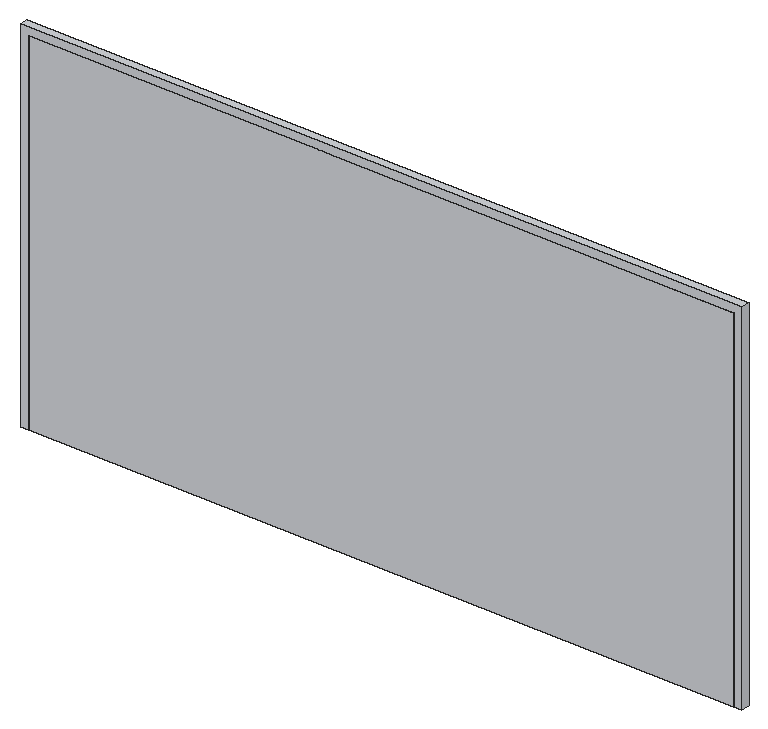
Revit family "DR_1UO_UpOver Door", category Doors, host Wall, Revit 2021
Family settings
  Host = Wall
  OmniClass Number = 23.30.10.00
  OmniClass Title = Doors
  Always vertical = Yes
  Cut with Voids When Loaded = No
  Shared = No
  Room Calculation Point = Yes
Parameters (values of type "4400x2200_Ext")
  YN_PanicBar = yes
  YN_Opening_DoubleSide = no
  YN_Handle_Internal = no
  YN_Handle_External = yes
  YN_FlushWall_Int = no
  YN_FlushWall_Ext = yes
  Thickness = 0 mm  # constant formula
  TX_TypeCode = "1UO"
  TX_Host [instance] = ""
  Rough Width = 0 mm  # constant formula
  Rough Height = 0 mm  # constant formula
  MA_Panel = none
  MA_Handle = none
  MA_Frame = none
  Function = Interior
  Height = 0 mm  # constant formula
  Wall Closure = By host
  Width = 0 mm  # constant formula
  Description = "Porta a un pannello basculante. Montata a filo esterno."
  Define Thermal Properties by = Schematic Type
  DI_Width_Rough = DI_Width + (DI_Frame_Width * 2)  # 4500 mm
  DI_Width_Clear = DI_Width  # 4400 mm
  DI_Width = 4400 mm
  DI_Wall_Thickness [instance] = 200 mm
  DI_WallOpening_Interior [instance] = 0 mm
  DI_WallOpening_Exterior [instance] = 0 mm
  DI_VoidDepth_Below [instance] = 200 mm
  DI_Panel_Width = DI_Width  # 4400 mm
  DI_Panel_Thickness = 50 mm
  DI_Panel_OffsetYC [instance] = 300 mm + if(YN_FlushWall_Int, 0 mm, if(YN_FlushWall_Ext, (DI_Wall_Thickness - DI_Frame_Thickness), DI_Panel_OffsetY))  # 450 mm
  DI_Panel_OffsetY [instance] = 50 mm
  DI_Panel_Height = DI_Height  # 2200 mm
  DI_Height_Rough = DI_Height + DI_Frame_Width  # 2250 mm
  DI_Height_Clear = DI_Height  # 2200 mm
  DI_Height = 2200 mm
  DI_Handle_OffsetZ = 1500 mm
  DI_Handle_OffsetX = 50 mm
  DI_Frame_Width = 50 mm
  DI_Frame_Thickness = DI_Panel_Thickness  # 50 mm
  Analytic Construction = "<None>"
Types (2, lengths in mm): name | YN_FlushWall_Int | YN_FlushWall_Ext | Description | DI_Panel_OffsetYC
  4400x2200_Ext | no | yes | "Porta a un pannello basculante. Montata a filo esterno." | 450
  4400x2200_Int | yes | no | "Porta a un pannello basculante. Montata a filo interno." | 300
Reference planes
  plane 1 "Center": y = 0
  plane 2 "Center (Left/Right)": x = 0
  plane 3 "Left": x = -2250
  plane 4 "Right": x = 2250
  plane 5 "Top": z = 2250
  plane 6 "Back": y = 100
  plane 7 "Front": y = -100
  plane 8 "Left Panel": x = -2200
  plane 9 "Frame": x = 2200
  plane 10 "FrontPanel": y = 50
  plane 11 "BackPanel": y = 100
  plane 12 "Frame_Top": z = 2200
  plane 13 "MidllePanel": y = 75
  plane 14 "VoidDepth_Below": z = -200
  plane 15 "Opening Projection Ext": y = 100
  plane 16 "Opening Projection Int": y = -100
  plane 17: y = -400
Forms (mm)
  Extrusion 1, void
    sketch origin (0, 0, 0) x (1, 0, 0) y (0, 1, 0)
      loop
        line (-2250, 100) -> (-2250, -100) -> (2250, -100) -> (2250, 100) -> (-2250, 100)
    from -200 to 2250
Lines and regions (mm)
  symbolic lines, style "DoorsOpeningProjection"
    curve 1: line (-2250, 100, 0) -> (2250, 100, 0)
    curve 2: line (-2250, -100, 0) -> (2250, -100, 0)
Text (mm)
  text "Exterior" at (-2295.016, 1099.543, 0), in view "Ref. Level"
  text "Exterior" at (0, 1615.38, 3698.081), in view "Left"
  text "Exterior" at (0, 1036.032, 3874.932), in view "Right"
Dimensions and locks
  equal spacing: plane 8 "Left Panel", plane 2 "Center (Left/Right)", plane 9 "Frame"
  locked: plane 6 "Back" to host wall
  locked: plane 7 "Front" to host wall
  "DI_Frame_Width": plane 5 "Top" to plane 12 "Frame_Top"
  "DI_Panel_Thickness": plane 11 "BackPanel" to plane 10 "FrontPanel"
  "DI_Panel_OffsetYC": plane 17 to plane 10 "FrontPanel"
  "DI_Width": plane 8 "Left Panel" to plane 9 "Frame"
  "DI_Frame_Width": plane 9 "Frame" to plane 4 "Right"
  "DI_Frame_Width": plane 3 "Left" to plane 8 "Left Panel"
  "DI_Height": plane 12 "Frame_Top" to level
  equal spacing: plane 11 "BackPanel", plane 13 "MidllePanel", plane 10 "FrontPanel"
  "DI_Wall_Thickness": host wall to host wall
  "DI_VoidDepth_Below": plane 14 "VoidDepth_Below" to level
  "DI_WallOpening_Exterior": plane 6 "Back" to plane 15 "Opening Projection Ext"
  "DI_WallOpening_Interior": plane 16 "Opening Projection Int" to plane 7 "Front"
  locked: plane 7 "Front" to plane 17 at 300
  aligned and locked: plane 1 "Center" to host wall
  aligned and locked: Extrusion 1 sketch curve to plane 3 "Left"
  aligned and locked: plane 4 "Right" to Extrusion 1 sketch curve
  aligned and locked: Extrusion 1 to plane 5 "Top"
  aligned and locked: plane 2 "Center (Left/Right)" to nested 1
  aligned and locked: nested 1 to plane 13 "MidllePanel"
  aligned and locked: level to nested 1
  aligned and locked: Extrusion 1 to plane 14 "VoidDepth_Below"
  aligned and locked: curve 1 to plane 15 "Opening Projection Ext"
  aligned and locked: curve 2 to plane 16 "Opening Projection Int"
  aligned and locked: Extrusion 1 sketch curve to plane 15 "Opening Projection Ext"
  aligned and locked: Extrusion 1 sketch curve to plane 16 "Opening Projection Int"
  aligned and locked: nested 2 to plane 2 "Center (Left/Right)"
  aligned and locked: nested 2 to plane 13 "MidllePanel"
  aligned and locked: nested 3 to plane 10 "FrontPanel"
Automatic sketch dimensions
  curve 2 to plane 3 "Left" = 0 mm
  curve 1 to plane 3 "Left" = 0 mm
  curve 2 to plane 4 "Right" = 0 mm
  curve 1 to plane 4 "Right" = 0 mm
Nested families
  nested 1: "DR.FR_Generic Frame" at (0, 75, 0), MA_Frame <- "MA_Frame", Thickness <- "DI_Frame_Thickness", DI_Frame_Width <- "DI_Frame_Width", DI_Frame_Thickness <- "DI_Frame_Thickness", DI_Width <- "DI_Width_Rough", DI_Height <- "DI_Height_Rough", type "0"
    with Width 0 mm, Thickness 0 mm, MA_Frame none, Height 0 mm, DI_Width 4500 mm, DI_Height 2250 mm, DI_Frame_Width 50 mm, DI_Frame_Thickness 50 mm
  nested 2: "DR.PN_UpandOver Panel" at (0, 250, 0), DI_Panel_Height <- "DI_Panel_Height", DI_Panel_Thickness <- "DI_Panel_Thickness", DI_Panel_Width <- "DI_Width_Clear", YN_Opening_DoubleSide <- "YN_Opening_DoubleSide", MA_Panel <- "MA_Panel", type "Hinged"
    with YN_Opening_DoubleSide no, Thickness 0 mm, MA_Panel none, DI_Panel_Width 4400 mm, DI_Panel_Thickness 50 mm, DI_Panel_OffsetY 0 mm, DI_Panel_Height 2200 mm
  nested 3: "DR.HA_Handle_Garage_HW" at (-2200, 238.394, 0), DI_Panel_Height <- "DI_Panel_Height", DI_Panel_Thickness <- "DI_Panel_Thickness", DI_Panel_Width <- "DI_Width_Clear", DI_Handle_OffsetZ <- "DI_Handle_OffsetZ", YN_Handle_External <- "YN_Handle_External", YN_Handle_Internal <- "YN_Handle_Internal", MA_Handle <- "MA_Handle", type "Cut"
    with YN_Handle_Internal no, YN_Handle_External yes, MA_Handle none, DI_Panel_Width 4400 mm, DI_Panel_Thickness 50 mm, DI_Panel_OffsetYC 0 mm, DI_Panel_OffsetY 0 mm, DI_Panel_Height 2200 mm, DI_Handle_OffsetZ 1500 mm, DI_Handle_OffsetX 2200 mm
Definition of nested family "DR.FR_Generic Frame"
  Parameters (values of type "0")
    Width [instance] = 0 mm  # constant formula
    Thickness [instance] = 0 mm  # constant formula
    MA_Frame [instance] = none
    Height [instance] = 0 mm  # constant formula
    Define Thermal Properties by = 1
    Default Elevation = 0 mm
    DI_Width [instance] = 1200 mm
    DI_Height [instance] = 2100 mm
    DI_Frame_Width [instance] = 100 mm
    DI_Frame_Thickness [instance] = 200 mm
    Analytic Construction = "<None>"
  Reference planes
    plane 1 "Center (Front/Back)": y = 0
    plane 2: z = 0
    plane 3 "Center (Left/Right)": x = 0
    plane 4 "Left": x = -600
    plane 5 "Right": x = 600
    plane 6 "FrontFrame": y = -100
    plane 7 "Top": z = 2100
    plane 8: z = 1050
    plane 9: x = -500
    plane 10: x = 500
    plane 11 "BackFrame": y = 100
  Forms (mm)
    Sweep 1, solid, material <- "MA_Frame"
      path origin (0, -100, 0) x (-1, 0, 0) y (0, 0, 1)
        loop
          line (600, 0) -> (600, 2100) -> (-600, 2100) -> (-600, 0)
      profile origin (-600, -100, 1050) x (1, 0, 0) y (0, 1, 0)
        loop
          line (100, 200) -> (0, 200) -> (0, 0) -> (100, 0) -> (100, 200)
  Lines and regions (mm)
    Masking region 1
      outline origin (0, 0, 0) x (1, 0, 0) y (0, 1, 0)
        loop
          line (-600, -100) -> (-500, -100) -> (-500, 100) -> (-600, 100) -> (-600, -100)
    Masking region 2
      outline origin (0, 0, 0) x (1, 0, 0) y (0, 1, 0)
        loop
          line (600, -100) -> (600, 100) -> (500, 100) -> (500, -100) -> (600, -100)
  Dimensions and locks
    "DI_Width": plane 4 "Left" to plane 5 "Right"
    equal spacing: plane 4 "Left", plane 3 "Center (Left/Right)", plane 5 "Right"
    "DI_Frame_Thickness": plane 6 "FrontFrame" to plane 11 "BackFrame"
    "DI_Height": plane 7 "Top" to plane 2
    equal spacing: plane 7 "Top", plane 8, plane 2
    "DI_Frame_Width": plane 4 "Left" to plane 9
    "DI_Frame_Width": plane 10 to plane 5 "Right"
    equal spacing: plane 6 "FrontFrame", plane 1 "Center (Front/Back)", plane 11 "BackFrame"
    aligned and locked: level to plane 2
    aligned and locked: plane 4 "Left" to Sweep 1 sketch curve
    aligned and locked: plane 7 "Top" to Sweep 1 sketch curve
    aligned and locked: Sweep 1 sketch curve to plane 5 "Right"
    aligned and locked: plane 2 to Sweep 1 sketch curve  (x2)
    aligned and locked: Sweep 1 sketch curve to plane 9
    aligned and locked: Sweep 1 sketch curve to plane 6 "FrontFrame"
    aligned and locked: Sweep 1 sketch curve to plane 4 "Left"
    aligned and locked: Masking region 1 sketch curve to plane 4 "Left"
    aligned and locked: Masking region 1 sketch curve to plane 9
    aligned and locked: Masking region 1 sketch curve to plane 6 "FrontFrame"
    aligned and locked: plane 5 "Right" to Masking region 2 sketch curve
    aligned and locked: Masking region 2 sketch curve to plane 10
    aligned and locked: Masking region 2 sketch curve to plane 6 "FrontFrame"
    aligned and locked: plane 11 "BackFrame" to Masking region 1
    aligned and locked: plane 11 "BackFrame" to Masking region 2
    aligned and locked: plane 11 "BackFrame" to Sweep 1 sketch curve
  Automatic sketch dimensions
    Masking region 1 sketch curve to plane 1 "Center (Front/Back)" = 100 mm
    Masking region 2 sketch curve to plane 1 "Center (Front/Back)" = 100 mm
Definition of nested family "DR.PN_UpandOver Panel"
  Parameters (values of type "Garage Panel")
    YN_Swing = not(YN_Panel_Projection)  # yes
    YN_Panel_Projection = no
    YN_Panel = not(YN_Panel_Projection)  # yes
    YN_Opening_DoubleSide [instance] = no
    YN_3D = not(YN_Panel_Projection)  # yes
    Width = 0 mm  # constant formula
    Thickness [instance] = 0 mm  # constant formula
    Rough Width = 0 mm  # constant formula
    Rough Height = 0 mm  # constant formula
    MA_Panel [instance] = none
    Height = 0 mm  # constant formula
    Define Thermal Properties by = 1
    Default Elevation = 0 mm  # constant formula
    DI_Panel_Width [instance] = 4400 mm
    DI_Panel_Thickness [instance] = 50 mm
    DI_Panel_OffsetY [instance] = 0 mm
    DI_Panel_Height [instance] = 2200 mm
    Analytic Construction = "<None>"
  Reference planes
    plane 1 "Center (Front/Back)": y = -175
    plane 2: z = 0
    plane 3 "Center (Left/Right)": x = 0
    plane 4 "Left": x = -2200
    plane 5 "Right": x = 2200
    plane 6 "FrontPanel": y = -200
    plane 7 "Top": z = 2200
    plane 8: z = 1100
    plane 9 "BackPanel": y = -150
    plane 10 "SwingVasistas": y = -350
    plane 11: y = -150
    plane 12 "Opening Projection Back": y = 425
    plane 13 "Opening Projection Front": y = -1775
    plane 14: z = 1600
  Forms (mm)
    Extrusion 1, solid, material <- "MA_Panel", visible <- "YN_3D"
      sketch origin (1340, 700, 0) x (1, 0, 0) y (0, 1, 0)
        loop
          line (-3540, -900) -> (860, -900) -> (860, -850) -> (-3540, -850) -> (-3540, -900)
      from 0 to 2200
  Lines and regions (mm)
    Masking region 1, visible <- "YN_Panel"
      outline origin (0, 0, 0) x (1, 0, 0) y (0, 1, 0)
        loop
          line (-2200, -200) -> (2200, -200) -> (2200, -150) -> (-2200, -150) -> (-2200, -200)
    Masking region 2, not visible
      outline origin (0, 0, 0) x (1, 0, 0) y (0, 1, 0)
        loop
          line (-2200, -200) -> (2200, -200) -> (2200, -150) -> (-2200, -150) -> (-2200, -200)
    symbolic lines, visible <- "YN_Panel_Projection", detail levels medium+fine
      curve 1: line (-2200, -200, 0) -> (-2200, -150, 0)
      curve 2: line (2200, -150, 0) -> (2200, -200, 0)
      curve 4: line (-2200, -200, 0) -> (2200, -200, 0)
    symbolic lines, visible <- "YN_Panel_Projection"
      curve 3: line (-2200, -150, 0) -> (2200, -150, 0)
      curve 5: line (-2200, -200, 0) -> (2200, -200, 0)
    model lines, not visible
      curve 6: line (-2200, -200, 0) -> (2200, -200, 0)
    symbolic lines
      curve 7: line (-2200, -150, 0) -> (-2200, 425, 0)
      curve 8: line (-2200, 425, 0) -> (2200, 425, 0)
      curve 9: line (2200, 425, 0) -> (2200, -150, 0)
      curve 10: line (-2200, -200, 0) -> (-2200, -1775, 0)
      curve 11: line (-2200, -1775, 0) -> (2200, -1775, 0)
      curve 12: line (2200, -1775, 0) -> (2200, -200, 0)
    model lines
      curve 13: line (-2200, -150, 2200) -> (-1600, -150, 1600)
      curve 14: line (-1600, -150, 1600) -> (1600, -150, 1600)
      curve 15: line (2200, -150, 2200) -> (1600, -150, 1600)
      curve 16: line (-2200, -200, 2200) -> (-1600, -200, 1600)
      curve 17: line (-1600, -200, 1600) -> (1600, -200, 1600)
      curve 18: line (2200, -200, 2200) -> (1600, -200, 1600)
  Dimensions and locks
    "DI_Panel_Width": plane 4 "Left" to plane 5 "Right"
    equal spacing: plane 4 "Left", plane 3 "Center (Left/Right)", plane 5 "Right"
    "DI_Panel_Thickness": plane 6 "FrontPanel" to plane 9 "BackPanel"
    "DI_Panel_Height": plane 7 "Top" to plane 2
    equal spacing: plane 7 "Top", plane 8, plane 2
    equal spacing: plane 6 "FrontPanel", plane 1 "Center (Front/Back)", plane 9 "BackPanel"
    locked: plane 6 "FrontPanel" to plane 10 "SwingVasistas" at 150
    "DI_Panel_OffsetY": plane 11 to plane 9 "BackPanel"
    locked: plane 1 "Center (Front/Back)" to plane 12 "Opening Projection Back" at 600
    locked: plane 14 to plane 7 "Top" at 600
    "DI_Panel_Height": plane 12 "Opening Projection Back" to plane 13 "Opening Projection Front"
    aligned and locked: level to plane 2
    aligned and locked: plane 4 "Left" to Masking region 1
    aligned and locked: Masking region 1 to plane 9 "BackPanel"
    aligned and locked: plane 5 "Right" to Masking region 1
    aligned and locked: Masking region 1 to plane 6 "FrontPanel"
    aligned and locked: Masking region 2 sketch curve to plane 4 "Left"
    aligned and locked: Masking region 2 sketch curve to plane 9 "BackPanel"
    aligned and locked: Masking region 2 sketch curve to plane 6 "FrontPanel"
    aligned and locked: plane 5 "Right" to Masking region 2 sketch curve
    aligned and locked: plane 4 "Left" to Extrusion 1
    aligned and locked: Extrusion 1 to plane 9 "BackPanel"
    aligned and locked: plane 5 "Right" to Extrusion 1
    aligned and locked: Extrusion 1 to plane 6 "FrontPanel"
    aligned and locked: plane 7 "Top" to Extrusion 1
    aligned and locked: curve 3 to plane 9 "BackPanel"
    aligned and locked: curve 6 to plane 6 "FrontPanel"
    aligned and locked: plane 14 to curve 14
  Automatic sketch dimensions
    curve 1 to plane 4 "Left" = 0 mm
    curve 6 to plane 5 "Right" = 0 mm
    plane 13 "Opening Projection Front" to curve 12 = 0 mm
    curve 9 to plane 12 "Opening Projection Back" = 0 mm
    curve 15 to plane 5 "Right" = 0 mm
    plane 4 "Left" to curve 13 = 0 mm
    curve 15 to plane 7 "Top" = 0 mm
    curve 13 to plane 7 "Top" = 0 mm
    curve 14 to plane 4 "Left" = 600 mm
    curve 15 to plane 5 "Right" = 600 mm
    Masking region 1 sketch curve to plane 4 "Left" = 0 mm
    Masking region 1 sketch curve to plane 5 "Right" = 0 mm
    plane 6 "FrontPanel" to Masking region 1 sketch curve = 0 mm
    Masking region 1 sketch curve to plane 9 "BackPanel" = 0 mm
    Extrusion 1 sketch curve to plane 4 "Left" = 0 mm
    Extrusion 1 sketch curve to plane 5 "Right" = 0 mm
    plane 6 "FrontPanel" to Extrusion 1 sketch curve = 0 mm
    Extrusion 1 sketch curve to plane 9 "BackPanel" = 0 mm
    curve 18 to plane 5 "Right" = 0 mm
    curve 17 to plane 14 = 0 mm
    plane 4 "Left" to curve 16 = 0 mm
    curve 18 to plane 7 "Top" = 0 mm
    curve 16 to plane 7 "Top" = 0 mm
    curve 17 to plane 4 "Left" = 600 mm
    curve 18 to plane 5 "Right" = 600 mm
Definition of nested family "DR.HA_Handle_Garage_HW"
  Parameters (values of type "Cut")
    YN_Opening_Pivot = no
    YN_Handle_Internal [instance] = yes
    YN_Handle_External [instance] = yes
    MA_Handle [instance] = none
    Handle = DR.HA_Handle_Garage : Cut
    Define Thermal Properties by = 1
    Default Elevation = 0 mm  # constant formula
    DI_Panel_Width [instance] = 4400 mm
    DI_Panel_Thickness [instance] = 40 mm
    DI_Panel_OffsetYC [instance] = if(YN_Opening_Pivot, (DI_Panel_Thickness / 2), DI_Panel_OffsetY)  # 0 mm
    DI_Panel_OffsetY [instance] = 0 mm
    DI_Panel_Height [instance] = 2148.093 mm
    DI_Handle_OffsetZ [instance] = 1000 mm
    DI_Handle_OffsetX [instance] = DI_Panel_Width / 2  # 2200 mm
    Analytic Construction = "<None>"
  Types (2, lengths in mm): name | YN_Opening_Pivot | Handle | DI_Panel_Width | DI_Panel_OffsetYC | DI_Handle_OffsetX
    Projection | yes | DR.HA_Handle_Garage : Projection | 900 | 20 | 450
    Cut | no | DR.HA_Handle_Garage : Cut | 4400 | 0 | 2200
  Reference planes
    plane 1 "Panel_Ext": y = -138.394
    plane 2: z = 0
    plane 3 "Center (Left/Right)": x = 0
    plane 4 "Panel_Int": y = -178.394
    plane 5: z = 1000
    plane 6: x = 4400
    plane 7: x = 2200
    plane 8: z = 2148.093
    plane 9 "Origin": y = -138.394
  Lines and regions (mm)
    symbolic lines, detail levels coarse
      curve 1: line (0, -178.394, 0) -> (0, -138.394, 0)
  Dimensions and locks
    "DI_Panel_Thickness": plane 4 "Panel_Int" to plane 1 "Panel_Ext"
    "DI_Handle_OffsetZ": plane 2 to plane 5
    "DI_Panel_Width": plane 6 to plane 3 "Center (Left/Right)"
    "DI_Handle_OffsetX": plane 6 to plane 7
    "DI_Panel_Height": plane 8 to level
    "DI_Panel_OffsetYC": plane 9 "Origin" to plane 1 "Panel_Ext"
    aligned and locked: plane 2 to level
    aligned and locked: plane 7 to nested 2
    aligned and locked: nested 1 to plane 7
    aligned and locked: plane 4 "Panel_Int" to nested 1
    aligned and locked: plane 1 "Panel_Ext" to nested 2
  Automatic sketch dimensions
    plane 1 "Panel_Ext" to curve 1 = 0 mm
    curve 1 to plane 3 "Center (Left/Right)" = 0 mm
    plane 4 "Panel_Int" to curve 1 = 0 mm
  Nested families
    nested 1: "DR.HA_Handle_Garage" at (2200, -178.394, 1000), built-in parameter 1001364 <- "DI_Handle_OffsetZ", visible <- "YN_Handle_Internal", MA_Handle <- "MA_Handle", type <- "Handle", type "Cut"
      with MA_Handle none, YN_3D yes
    nested 2: "DR.HA_Handle_Garage" at (2200, -138.394, 1000), built-in parameter 1001364 <- "DI_Handle_OffsetZ", visible <- "YN_Handle_External", MA_Handle <- "MA_Handle", type <- "Handle", type "Cut"
      with MA_Handle none, YN_3D yes
  Definition of nested family "DR.HA_Handle_Garage"
    Parameters (values of type "Projection")
      YN_Graphics_Projection = yes
      YN_Graphics_Cut = no
      YN_3D = no
      MA_Handle [instance] = none
      Define Thermal Properties by = 1
      Default Elevation = 0 mm  # constant formula
      Analytic Construction = "<None>"
    Types (2, lengths in mm): name | YN_Graphics_Projection | YN_Graphics_Cut
      Cut | no | yes
      Projection | yes | no
    Reference planes
      plane 1 "Center (Front/Back)": y = 0
      plane 2: z = 0
      plane 3 "Center (Left/Right)": x = 0
    Forms (mm)
      Extrusion 1, solid, material <- "MA_Handle", visible <- "YN_3D"
        sketch origin (-0.15, 0, 0) x (1, 0, 0) y (0, 0, 1)
          loop
            circle (0, 0) r 25
        from 0 to 4
      Extrusion 2, solid, material <- "MA_Handle", visible <- "YN_3D", detail levels medium+fine
        sketch origin (-0.15, 0, -194.519) x (1, 0, 0) y (0, 0, 1)
          loop
            circle (0, 99.519) r 25
        from 0 to 4
      Extrusion 3, void, detail levels medium+fine
        sketch origin (-0.15, -15, 0) x (1, 0, 0) y (0, 0, 1)
          loop
            line (-3.787, -93.841) -> (-3.787, -107.646)
            arc (-3.787, -107.646) -> (0, -111.433) -> (3.787, -107.646) r 3.787
            line (3.787, -107.646) -> (3.787, -94.007)
            arc (3.787, -94.007) -> (0.321, -79.308) -> (-3.787, -93.841) r 7.8
        from -15 to 0
      Sweep 4, solid, material <- "MA_Handle", visible <- "YN_3D"
        path origin (0, 0, 0) x (1, 0, 0) y (0, 1, 0)
          loop
            line (0, -40) -> (0, 0)
        profile origin (0, -20, 0) x (-1, 0, 0) y (0, 0, 1)
          loop
            circle (0, 0) r 7
      Sweep 5, solid, material <- "MA_Handle", visible <- "YN_3D"
        path origin (0, 2.452, 0) x (1, 0, 0) y (0, 1, 0)
          loop
            line (-60, -47.852) -> (60, -47.852)
        profile origin (0, -45.401, 0) x (0, 1, 0) y (0, 0, 1)
          loop
            circle (0, -0.489) r 10
    Cuts and joins
      Extrusion 3 cuts Extrusion 2
      joined: Extrusion 1, Sweep 4, Sweep 5
    Lines and regions (mm)
      Masking region 1, visible <- "YN_Graphics_Cut"
        outline origin (0, 0, 0) x (1, 0, 0) y (0, 1, 0)
          loop
            line (-25.15, 0) -> (-25.15, -4) -> (-7, -4) -> (-7, -35.307) -> (-60, -35.307) -> (-60, -54.882) -> (60, -54.882) -> (60, -35.307) -> (7, -35.307) -> (7, -4) -> (24.85, -4) -> (24.85, 0) -> (-25.15, 0)
      Masking region 2, visible <- "YN_Graphics_Cut"
        outline origin (0, 0, 0) x (1, 0, 0) y (0, 1, 0)
          loop
            line (-25.15, 0) -> (-25.15, -4) -> (-7, -4) -> (-7, -35.307) -> (-60, -35.307) -> (-60, -54.882) -> (60, -54.882) -> (60, -35.307) -> (7, -35.307) -> (7, -4) -> (24.85, -4) -> (24.85, 0) -> (-25.15, 0)
      symbolic lines, visible <- "YN_Graphics_Cut", detail levels medium+fine
        curve 1: line (-7, -4, 0) -> (7, -4, 0)
        curve 2: line (-7, -4, 0) -> (7, -4, 0)
    Dimensions and locks
      Masking region 1 to Masking region 1 = 50 mm
      aligned and locked: plane 2 to level
      aligned and locked: cut or joined group of Extrusion 2, Extrusion 3 to Sweep 4 sketch curve
